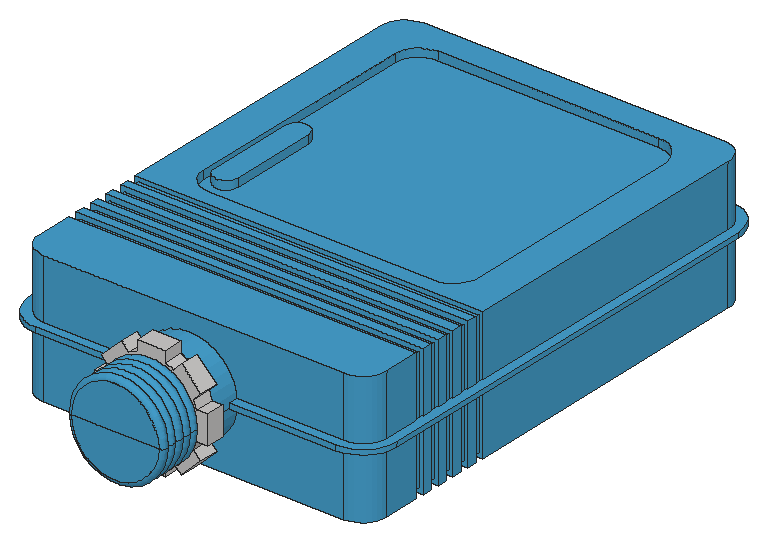
Revit family "3451A_NX_Room_Controller", category Communication Devices, host Face, Revit 2014
Parameters
  Warranty = "5-Years Warranty"  # constant formula
  Voltage = "120/277/347 VAC"
  Type Comments = "NX Room Controller"  # constant formula
  Standby Power = "120VAC: 1.2,277VAC: 1.5,347VAC: 1.5"  # constant formula
  Product Page URL = "https://www.hubbell.com/hubbellcontrolsolutions/en/Products/Lighting-Controls/Lighting-Controls-Sensors/NX-Distributed-Intelligence-Lighting-Controls/NX-Room-Controller/p/220943"
  Product Documentation Link = "https://hubbellcdn.com/specsheet/3451A_NX_Room_Controller.pdf"
  URL = "https://www.hubbell.com/hubbellcontrolsolutions/en"
  Model = "NX Room Controller"  # constant formula
  Manufacturer = "Hubbell Control Solutions"  # constant formula
  L = 5.26"
  Washer = Metal-Hubbell-Galvanized_Steel
  Features = " Single or dual relay versions for On/Off\r\n• Zero-cross switching technology extends relay contact life\r\n• Suitable for use with controlled receptacles\r\n• Optional full range dimming control\r\n• Override push button and status LED per relay/dimmer\r\n• Auto configuration support for NX Occupancy Sensors, Daylight Sensors\r\nand Smart Switch Stations\r\n• Advanced configuration with NXBTR Bluetooth* Radio Module and smart\r\nphone App\r\n• Device intelligently and automatically responds to sensors and switches in\r\nthe most energy-efficient manner\r\n• Join NX Room Controllers with CAT5 for additional loads\r\n• Schedules are held in the devices themselves (requires optional network\r\nconnection or NXBTC Bluetooth Radio Module with real time clock)\r\n• Retains data during power outages\r\n• Five-year limited warranty\r\n• 120/277/347VAC universal voltage\r\n• Delivers simplified configuration and control of Hubbell Lighting\r\nluminaires using SpectraSync™ color tuning technology"  # constant formula
  Dimming = "Class 2 0-10VDC, 60mA per channel\r\nFor use with low voltage, two-wire dimming ballast and LED drivers"  # constant formula
  Description = "The NX Room Controller is the central component of the NX room control solution."  # constant formula
  Default Elevation = 48.00"
  Create Date = "10/09/2018"
  Copyright = "Copyright © 2018 Hubbell Control Solutions"  # constant formula
  Controls - Intergral Sensors = "NX Occupancy Sensors, Daylight Sensors and Smart Switch Stations"  # constant formula
  Contact Us = "https://www.hubbell.com/hubbellcontrolsolutions/en/contactUs?productId=220943"
  Housing Material = Plastic - Hubbell - Blue
  Certification = "Conforms with UL916 and Certified to CAN/CSA C22.2 No. 205-M1983\r\nIC Approved\r\nTitle 24 compliance"  # constant formula
  Assembly Code = "D5090"
Reference planes (in)
  plane 1 "Center (Front/Back)": y = 13.01342
  plane 2: z = 0
  plane 3 "Center (Left/Right)": x = 0
Forms (in)
  Extrusion 1, solid, material "Plastic - Hubbell - Blue" <- "Housing Material"
    sketch origin (13.06888, 12.96782, 0) x (0, 1, 0) y (-1, 0, 0)
      loop
        arc (-2.18, 14.837) -> (-2.35678, 14.76378) -> (-2.43, 14.587) r 0.25
        line (-2.43, 14.587) -> (-2.43, 11.4497)
        arc (-2.43, 11.4497) -> (-2.35678, 11.27292) -> (-2.18, 11.1997) r 0.25
        line (-2.18, 11.1997) -> (2.28105, 11.1997)
        arc (2.28105, 11.1997) -> (2.45783, 11.27292) -> (2.53105, 11.4497) r 0.25
        line (2.53105, 11.4497) -> (2.53105, 14.587)
        arc (2.53105, 14.587) -> (2.45783, 14.76378) -> (2.28105, 14.837) r 0.25
        line (2.28105, 14.837) -> (-2.18, 14.837)
    from 0 to 1.37
  Sweep 2, solid, material "Plastic - Hubbell - Blue" <- "Housing Material"
    path in 3D
      loop
        line (-1.76813, 12.04114, 1.37) -> (-1.76813, 10.78782, 1.37)
        arc (-1.76813, 10.78782, 1.37) -> (-1.6949, 10.61105, 1.37) -> (-1.51813, 10.53782, 1.37) r 0.25
        line (-1.51813, 10.53782, 1.37) -> (1.61918, 10.53782, 1.37)
        arc (1.61918, 10.53782, 1.37) -> (1.79596, 10.61105, 1.37) -> (1.86918, 10.78782, 1.37) r 0.25
        line (1.86918, 10.78782, 1.37) -> (1.86918, 11.18547, 1.37) -> (1.86918, 15.24888, 1.37)
        arc (1.86918, 15.24888, 1.37) -> (1.79596, 15.42565, 1.37) -> (1.61918, 15.49888, 1.37) r 0.25
        line (1.61918, 15.49888, 1.37) -> (-1.51813, 15.49888, 1.37)
        arc (-1.51813, 15.49888, 1.37) -> (-1.6949, 15.42565, 1.37) -> (-1.76813, 15.24888, 1.37) r 0.25
        line (-1.76813, 15.24888, 1.37) -> (-1.76813, 14.11061, 1.37)
    profile origin (-1.76813, 14.67974, 1.37) x (1, 0, 0) y (0, 0, 1)
      loop
        line (0, -0.625) -> (-0.10642, -0.625) -> (-0.10642, -0.67672) -> (0, -0.67672) -> (0, -0.625)
  Sweep 3, void
    path origin (0, 13.01342, 0) x (1, 0, 0) y (0, 0, 1)
      loop
        line (1.86918, 1.37) -> (-1.76813, 1.37) -> (-1.76813, 0) -> (1.86918, 0) -> (1.86918, 1.37)
    profile origin (0.05053, 13.01342, 1.37) x (0, 0, -1) y (0, -1, 0)
      loop
        line (0, 0.97228) -> (0.04095, 0.97228) -> (0.04095, 1.06924) -> (0, 1.06924) -> (0, 0.97228)
      loop
        line (0.04876, 1.16619) -> (0.04876, 1.26315) -> (0, 1.26315) -> (0, 1.16619) -> (0.04876, 1.16619)
      loop
        line (0.04876, 1.36011) -> (0.04876, 1.45707) -> (0, 1.45707) -> (0, 1.36011) -> (0.04876, 1.36011)
      loop
        line (0.04876, 1.55403) -> (0.04876, 1.65098) -> (0, 1.65098) -> (0, 1.55403) -> (0.04876, 1.55403)
      loop
        line (0.04876, 1.74794) -> (0.04876, 1.8449) -> (0, 1.8449) -> (0, 1.74794) -> (0.04876, 1.74794)
  Extrusion 4, solid, material "Plastic - Hubbell - Blue"
    sketch origin (0, 0, 0) x (0, 1, 0) y (0, 0, -1)
      loop
        line (12.05823, -0.93272) -> (14.1811, -0.93272) -> (14.1811, -0.43272) -> (12.05823, -0.43272) -> (12.05823, -0.93272)
      loop
        line (12.09385, -0.8971) -> (14.12985, -0.8971) -> (14.12985, -0.46835) -> (12.09385, -0.46835) -> (12.09385, -0.8971)
    from 1.86918 to 2.05666
  Extrusion 5, solid, material "Plastic - Hubbell - Blue" <- "Housing Material"
    sketch origin (0, 0, 0) x (0, 1, 0) y (0, 0, 1)
      loop
        line (14.12985, 0.78783) -> (14.04975, 0.78783) -> (14.04975, 0.84943) -> (13.96717, 0.84943) -> (13.96717, 0.8971) -> (13.80782, 0.8971) -> (13.80782, 0.84943) -> (13.72524, 0.84943) -> (13.72524, 0.78783) -> (13.64038, 0.78783) -> (13.64038, 0.46835) -> (14.12985, 0.46835) -> (14.12985, 0.78783)
      loop
        line (13.59252, 0.78783) -> (13.54465, 0.78783) -> (13.54465, 0.84943) -> (13.46208, 0.84943) -> (13.46208, 0.8971) -> (13.30272, 0.8971) -> (13.30272, 0.84943) -> (13.22015, 0.84943) -> (13.22015, 0.78783) -> (13.13529, 0.78783) -> (13.13529, 0.46835) -> (13.59252, 0.46835) -> (13.59252, 0.78783)
      loop
        line (12.10948, 0.78783) -> (12.10948, 0.46835) -> (12.59894, 0.46835) -> (12.59894, 0.78783) -> (12.51408, 0.78783) -> (12.51408, 0.84943) -> (12.43151, 0.84943) -> (12.43151, 0.8971) -> (12.27215, 0.8971) -> (12.27215, 0.84943) -> (12.18958, 0.84943) -> (12.18958, 0.78783) -> (12.10948, 0.78783)
      loop
        line (12.64681, 0.78783) -> (12.64681, 0.46835) -> (13.10404, 0.46835) -> (13.10404, 0.78783) -> (13.01918, 0.78783) -> (13.01918, 0.84943) -> (12.9366, 0.84943) -> (12.9366, 0.8971) -> (12.77725, 0.8971) -> (12.77725, 0.84943) -> (12.69467, 0.84943) -> (12.69467, 0.78783) -> (12.64681, 0.78783)
      loop
        line (14.1811, 0.93272) -> (12.05823, 0.93272) -> (12.05823, 0.43272) -> (14.1811, 0.43272) -> (14.1811, 0.93272)
    from -1.76813 to -2.05666
  Extrusion 6, solid, material "Plastic - Hubbell - Blue" <- "Housing Material"
    sketch origin (0, 13.01342, 0) x (1, 0, 0) y (0, 0, 1)
      loop
        circle (0, 0.69328) r 0.5
    from 2.4756 to 2.77248
  Extrusion 7, solid, material "Metal-Hubbell-Galvanized_Steel" <- "Washer"
    sketch origin (0, 13.01342, 0) x (1, 0, 0) y (0, 0, 1)
      loop
        arc (-0.14745, 1.17104) -> (-0.19134, 1.15521) -> (-0.23356, 1.13537) r 0.5
        line (-0.23356, 1.13537) -> (-0.31252, 1.21433) -> (-0.52105, 1.0058) -> (-0.4421, 0.92684)
        arc (-0.4421, 0.92684) -> (-0.46194, 0.88462) -> (-0.47776, 0.84073) r 0.5
        line (-0.47776, 0.84073) -> (-0.58943, 0.84073) -> (-0.58943, 0.54582) -> (-0.47776, 0.54582)
        arc (-0.47776, 0.54582) -> (-0.46194, 0.50193) -> (-0.4421, 0.45971) r 0.5
        line (-0.4421, 0.45971) -> (-0.52105, 0.38075) -> (-0.31252, 0.17222) -> (-0.23356, 0.25118)
        arc (-0.23356, 0.25118) -> (-0.19134, 0.23134) -> (-0.14745, 0.21551) r 0.5
        line (-0.14745, 0.21551) -> (-0.14745, 0.10385) -> (0.14745, 0.10385) -> (0.14745, 0.21551)
        arc (0.14745, 0.21551) -> (0.19134, 0.23134) -> (0.23356, 0.25118) r 0.5
        line (0.23356, 0.25118) -> (0.31252, 0.17222) -> (0.52105, 0.38075) -> (0.4421, 0.45971)
        arc (0.4421, 0.45971) -> (0.46194, 0.50193) -> (0.47776, 0.54582) r 0.5
        line (0.47776, 0.54582) -> (0.58943, 0.54582) -> (0.58943, 0.84073) -> (0.47776, 0.84073)
        arc (0.47776, 0.84073) -> (0.46194, 0.88462) -> (0.4421, 0.92684) r 0.5
        line (0.4421, 0.92684) -> (0.52105, 1.0058) -> (0.31252, 1.21433) -> (0.23356, 1.13537)
        arc (0.23356, 1.13537) -> (0.19134, 1.15521) -> (0.14745, 1.17104) r 0.5
        line (0.14745, 1.17104) -> (0.14745, 1.2827) -> (-0.14745, 1.2827) -> (-0.14745, 1.17104)
    from 2.77248 to 2.96984
  Revolve 8, solid, material "Plastic - Hubbell - Blue" <- "Housing Material"
    sketch origin (0, 0, 0.67855) x (1, 0, 0) y (0, 1, 0)
      loop
        line (0, 10.04358) -> (0, 9.56701) -> (0.45403, 9.568)
        arc (0.45403, 9.568) -> (0.50159, 9.61556) -> (0.45403, 9.66312) r 0.04756
        arc (0.45403, 9.66312) -> (0.50159, 9.71067) -> (0.45403, 9.75823) r 0.04756
        arc (0.45403, 9.75823) -> (0.50159, 9.80579) -> (0.45403, 9.85335) r 0.04756
        arc (0.45403, 9.85335) -> (0.50159, 9.9009) -> (0.45403, 9.94846) r 0.04756
        arc (0.45403, 9.94846) -> (0.50159, 9.99602) -> (0.45403, 10.04358) r 0.04756
        line (0.45403, 10.04358) -> (0, 10.04358)
      axis (0, 10.04358) -> (0, 9.56701)
    angle from 0 to 360
  Extrusion 9, void
    sketch origin (0, 0, 0) x (1, 0, 0) y (0, 1, 0)
      loop
        line (-1.13959, 12.20671) -> (1.23733, 12.20671)
        arc (1.23733, 12.20671) -> (1.41411, 12.27993) -> (1.48733, 12.45671) r 0.25
        line (1.48733, 12.45671) -> (1.48733, 14.88186)
        arc (1.48733, 14.88186) -> (1.39218, 15.11156) -> (1.16248, 15.20671) r 0.32485
        line (1.16248, 15.20671) -> (-1.13959, 15.20671)
        arc (-1.13959, 15.20671) -> (-1.31636, 15.13349) -> (-1.38959, 14.95671) r 0.25
        line (-1.38959, 14.95671) -> (-1.38959, 12.45671)
        arc (-1.38959, 12.45671) -> (-1.31636, 12.27993) -> (-1.13959, 12.20671) r 0.25
    from 1.2827 to 1.37
  Extrusion 10, solid, material "Plastic - Hubbell - Blue" <- "Housing Material"
    sketch origin (0, 0, 0) x (1, 0, 0) y (0, 1, 0)
      loop
        arc (-1.33943, 12.5422) -> (-1.21443, 12.4172) -> (-1.08943, 12.5422) r 0.125
        line (-1.08943, 12.5422) -> (-1.08943, 13.4561)
        arc (-1.08943, 13.4561) -> (-1.21443, 13.5811) -> (-1.33943, 13.4561) r 0.125
        line (-1.33943, 13.4561) -> (-1.33943, 12.5422)
    from 1.2827 to 1.37
Cuts and joins
  Sweep 3, Extrusion 9 cuts Extrusion 1
  Sweep 3 cuts Sweep 2
Lines and regions (in)
  sketch lines
    curve 1: line (-1.76813, 15.24888, 1.37) -> (-1.76813, 14.11061, 1.37)
    curve 2: arc (-1.76813, 15.24888, 1.37) -> (-1.6949, 15.42565, 1.37) -> (-1.51813, 15.49888, 1.37) r 0.25
    curve 3: line (1.61918, 15.49888, 1.37) -> (-1.51813, 15.49888, 1.37)
    curve 4: arc (1.61918, 15.49888, 1.37) -> (1.79596, 15.42565, 1.37) -> (1.86918, 15.24888, 1.37) r 0.25
    curve 5: line (1.86918, 11.18547, 1.37) -> (1.86918, 15.24888, 1.37)
    curve 6: line (1.86918, 10.78782, 1.37) -> (1.86918, 11.18547, 1.37)
    curve 7: arc (1.86918, 10.78782, 1.37) -> (1.79596, 10.61105, 1.37) -> (1.61918, 10.53782, 1.37) r 0.25
    curve 8: line (-1.51813, 10.53782, 1.37) -> (1.61918, 10.53782, 1.37)
    curve 9: arc (-1.51813, 10.53782, 1.37) -> (-1.6949, 10.61105, 1.37) -> (-1.76813, 10.78782, 1.37) r 0.25
    curve 10: line (-1.76813, 12.04114, 1.37) -> (-1.76813, 10.78782, 1.37)
Dimensions and locks (in)
  aligned and locked: plane 2 to host face
  aligned and locked: level to host face
  aligned and locked: Extrusion 4 to Extrusion 5
  aligned and locked: Extrusion 6 to cut or joined group of Extrusion 1, Sweep 3, Extrusion 9
  aligned and locked: Extrusion 1 to Extrusion 9
  aligned and locked: cut or joined group of Extrusion 1, Sweep 3, Extrusion 9 to Extrusion 10
